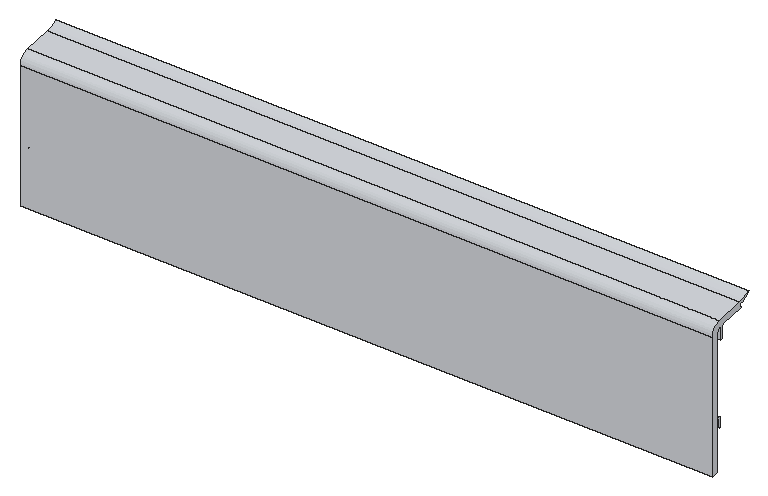
Revit family "HansWeitzel_52380", category Allgemeines Modell, Revit 2017
Family settings
  Kann Basisbauteil für Bewehrung sein = Nein
  Bemaßung runder Anschluss = Durchmesser verwenden
  Teiletyp = Normal
  Arbeitsebenenbasiert = Nein
  Immer vertikal = Ja
  Beim Laden mit Abzugskörper schneiden = Nein
  Gemeinsam genutzt = Nein
  Raumberechnungspunkt = Nein
Parameters
  max. Betriebstemperatur (°C) = 90
  Werkstoff = "PVC"
  Wandmontage möglich = yes
  Typname = "HZ-Sockelleiste lang SLL Weiß, 2m"
  Tiefe (mm) = 39
  Selbstverlöschend = yes
  Profilart = "Sockelprofil"
  Menge pro Verpackungseinheit = 10
  Length1 = 600 mm
  Ist Zubehör = no
  Ist System = no
  Höhe [mm] = 127
  Hersteller = "Hans Weitzel GmbH & Co. KG"
  HeinzeBIM = "https://www.heinze.de/bim/hz-sockelleiste-lang-sll-weiss-2m/7bbbd4320aef90e3c60a8458b537682a2b91a515"
  HAN = "52380"
  Gewicht unverpackt (netto) [kg] = 1
  GTIN = "4022023112115"
  Farbton = "weiß"
  Dekor = "Weiß"
  Breite [mm] = 2000
  Brandklasse B2 = yes
  Beschreibung = "HZ-Sockelleiste lang SLL Weiß, 2m lang für Kabelkanal oder 3. Rohr"
  BIMSITE_PRODUCT_ID = "7bbbd4320aef90e3c60a8458b537682a2b91a515"
  BIM = "https://media.live.bim.site/t/eyJhbGciOiJIUzI1NiIsInR5cCI6IkpXVCJ9.eyJjdCI6MSwidGYiOiJwdWJsaWMvaGFucy13ZWl0emVsLWdtYmgtY28ta2cvMjI1MGEyZS9IWl9TTExfUHJvZmlsLnJmYSIsImNpZCI6ImZlZDk4ZTlhLTFiZDgtNGM2OC1hNzNiLTc0YTk0ZTMxNTgyMyIsInJpZCI6IjQ1MmNiMzdhYmZiODQ3MTZjOGQwMWQ3OGYwNmI1ZmRlIiwicGlkIjoiN2JiYmQ0MzIwYWVmOTBlM2M2MGE4NDU4YjUzNzY4MmEyYjkxYTUxNSIsInNpZCI6IjYzNTU4IiwidXQiOjUsImxjIjoiZGUiLCJpYXQiOjE1ODAyMDg3NDIsImlzcyI6Imh0dHBzOi8vYXBpLmxpdmUuYmltLnNpdGUiLCJzdWIiOiJmNTg2YzRiNi1hNTA4LTQyN2EtOTgxOC0xMzE3OTY2NTc2YmMifQ.9Ul75aDcerAcHKK3U1jerctRzH7FrTd28LDzcB-QB2c/HZ_SLL_Profil.rfa"
Reference planes
  plane 1 "Center (Front/Back)": y = 0
  plane 2: z = 0
  plane 3 "Center (Left/Right)": x = 0
Forms (mm)
  Extrusion 1, solid, detail levels fine
    sketch origin (0, 0, 0) x (0, 1, 0) y (0, 0, 1)
      loop
        line (-33, 1) -> (-33, 42) -> (-31.75, 42)
        arc (-31.75, 42) -> (-31.043, 41.707) -> (-30.75, 41) r 1
        line (-30.75, 41) -> (-30.75, 35.75) -> (-29.5, 34.5) -> (-29.5, 41.5)
        arc (-29.5, 41.5) -> (-29.939, 42.561) -> (-31, 43) r 1.5
        line (-31, 43) -> (-33, 43) -> (-33, 108.069)
        arc (-33, 108.069) -> (-32.084, 110.954) -> (-29.67, 112.782) r 5
        arc (-29.67, 112.782) -> (-29.015, 112.463) -> (-28.75, 111.785) r 1
        line (-28.75, 111.785) -> (-28.75, 102.5) -> (-27.25, 102.5) -> (-27.25, 112.534)
        arc (-27.25, 112.534) -> (-27.028, 113.163) -> (-26.459, 113.512) r 1
        line (-26.459, 113.512) -> (-7.083, 117.662) -> (-7.79, 120.96)
        arc (-7.79, 120.96) -> (-2.84, 123.172) -> (1, 127) r 14.996
        arc (1, 127) -> (-3.294, 124.22) -> (-8.13, 122.552) r 21.16
        line (-8.13, 122.552) -> (-30.094, 117.847)
        arc (-30.094, 117.847) -> (-35.776, 114.356) -> (-38, 108.069) r 10
        line (-38, 108.069) -> (-38, 0) -> (-33, 1)
    from -300 to 300
  Extrusion 2, solid, detail levels medium
    sketch origin (0, 0, 0) x (0, 1, 0) y (0, 0, 1)
      loop
        line (-38, 116.154) -> (-38, 0) -> (-33, 0) -> (-33, 42) -> (-30.75, 42) -> (-30.75, 35.75) -> (-29.5, 35.75) -> (-29.5, 43) -> (-33, 43) -> (-33, 112.111) -> (-28.75, 113.022) -> (-28.75, 102.5) -> (-27.25, 102.5) -> (-27.25, 113.343) -> (-7.083, 117.662) -> (1, 127)
        arc (1, 127) -> (-3.294, 124.22) -> (-8.13, 122.552) r 21.16
        line (-8.13, 122.552) -> (-38, 116.154)
    from -300 to 300
  Extrusion 3, solid, detail levels coarse
    sketch origin (0, 0, 0) x (0, 1, 0) y (0, 0, 1)
      loop
        line (1, 127) -> (-38, 127) -> (-38, 0) -> (1, 0) -> (1, 127)
    from -300 to 300
Dimensions and locks
  equal spacing: Extrusion 1, plane 3 "Center (Left/Right)", Extrusion 1
  "Length1": Extrusion 1 to Extrusion 1
  aligned and locked: level to plane 2
  aligned and locked: Extrusion 3 to Extrusion 1
  aligned and locked: Extrusion 3 to Extrusion 2
  aligned and locked: Extrusion 1 to Extrusion 3
  aligned and locked: Extrusion 2 to Extrusion 3
Automatic sketch dimensions
  Extrusion 3 sketch curve to level = 0 mm
  plane 1 "Center (Front/Back)" to Extrusion 3 sketch curve = 38 mm
  Extrusion 3 sketch curve to plane 1 "Center (Front/Back)" = 1 mm
  level to Extrusion 3 sketch curve = 127 mm
  Extrusion 1 sketch curve to Extrusion 1 sketch curve = 0 mm  (x3)
  plane 1 "Center (Front/Back)" to Extrusion 1 sketch curve = 7.083 mm
  Extrusion 1 sketch curve to Extrusion 1 sketch curve = 0.706 mm
  Extrusion 1 sketch curve to Extrusion 1 sketch curve = 1 mm  (x3)
  Extrusion 1 sketch curve to Extrusion 1 sketch curve = 0.75 mm  (x3)
  Extrusion 1 sketch curve to Extrusion 1 sketch curve = 1.5 mm
  plane 1 "Center (Front/Back)" to Extrusion 1 sketch curve = 29.5 mm
  Extrusion 1 sketch curve to Extrusion 1 sketch curve = 3.635 mm
  Extrusion 1 sketch curve to Extrusion 1 sketch curve = 1.25 mm  (x2)
  Extrusion 1 sketch curve to Extrusion 1 sketch curve = 0.25 mm
  Extrusion 1 sketch curve to Extrusion 1 sketch curve = 3.5 mm
  Extrusion 1 sketch curve to Extrusion 1 sketch curve = 5 mm
  level to Extrusion 1 sketch curve = 0 mm
  Extrusion 1 sketch curve to Extrusion 1 sketch curve = 33.5 mm
  Extrusion 1 sketch curve to Extrusion 1 sketch curve = 5.25 mm
  Extrusion 1 sketch curve to Extrusion 1 sketch curve = 0.5 mm
  Extrusion 1 sketch curve to Extrusion 1 sketch curve = 59.5 mm
  Extrusion 1 sketch curve to Extrusion 1 sketch curve = 5.569 mm
  Extrusion 1 sketch curve to Extrusion 1 sketch curve = 5.128 mm
  Extrusion 1 sketch curve to Extrusion 1 sketch curve = 0.209 mm
  Extrusion 1 sketch curve to Extrusion 1 sketch curve = 3.25 mm
  Extrusion 1 sketch curve to Extrusion 1 sketch curve = 3.211 mm
  Extrusion 1 sketch curve to Extrusion 1 sketch curve = 0.341 mm
  Extrusion 1 sketch curve to Extrusion 1 sketch curve = 1.592 mm
  plane 1 "Center (Front/Back)" to Extrusion 1 sketch curve = 12.562 mm
  Extrusion 1 sketch curve to Extrusion 1 sketch curve = 20.691 mm
  Extrusion 1 sketch curve to plane 1 "Center (Front/Back)" = 1 mm
  Extrusion 1 sketch curve to Extrusion 1 sketch curve = 1.23 mm
  Extrusion 2 sketch curve to level = 0 mm
  plane 1 "Center (Front/Back)" to Extrusion 2 sketch curve = 38 mm
  Extrusion 2 sketch curve to Extrusion 2 sketch curve = 5 mm  (x2)
  Extrusion 2 sketch curve to Extrusion 2 sketch curve = 2.25 mm
  Extrusion 2 sketch curve to Extrusion 2 sketch curve = 1.25 mm
  Extrusion 2 sketch curve to Extrusion 2 sketch curve = 4.25 mm
  Extrusion 2 sketch curve to Extrusion 2 sketch curve = 1.5 mm
  plane 1 "Center (Front/Back)" to Extrusion 2 sketch curve = 12.562 mm
  plane 1 "Center (Front/Back)" to Extrusion 2 sketch curve = 8.13 mm
  level to Extrusion 2 sketch curve = 35.75 mm
  Extrusion 2 sketch curve to Extrusion 2 sketch curve = 6.25 mm
  Extrusion 2 sketch curve to Extrusion 2 sketch curve = 1 mm
  Extrusion 2 sketch curve to Extrusion 2 sketch curve = 59.5 mm
  Extrusion 2 sketch curve to Extrusion 2 sketch curve = 9.611 mm
  Extrusion 2 sketch curve to Extrusion 2 sketch curve = 0.91 mm
  Extrusion 2 sketch curve to Extrusion 2 sketch curve = 0.321 mm
  Extrusion 2 sketch curve to Extrusion 2 sketch curve = 4.042 mm
  Extrusion 2 sketch curve to Extrusion 2 sketch curve = 9.209 mm
  Extrusion 2 sketch curve to Extrusion 2 sketch curve = 20.691 mm
  Extrusion 2 sketch curve to Extrusion 2 sketch curve = 1.047 mm
  Extrusion 2 sketch curve to plane 1 "Center (Front/Back)" = 1 mm
  Extrusion 2 sketch curve to Extrusion 2 sketch curve = 4.889 mm
